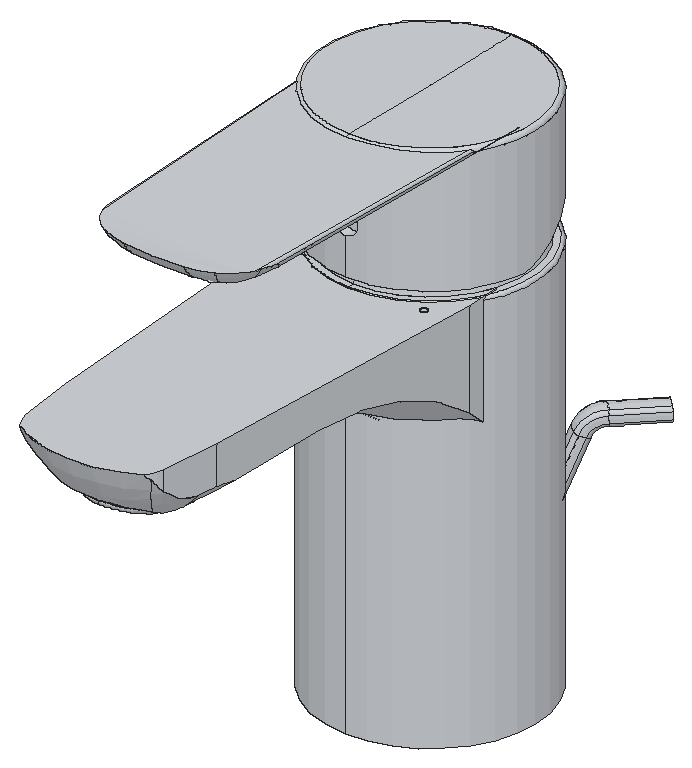
Revit family "Faucet-Lavatory-KOHLER-Aleo-K-72275M", category Plumbing Fixtures, host Face, Revit 2017
Family settings
  Host = Face
  Round Connector Dimension = Use Diameter
  Part Type = Normal
  OmniClass Number = 23.31.11.00
  OmniClass Title = Faucets
  Cut with Voids When Loaded = No
  Shared = No
  Room Calculation Point = No
Parameters (values of type "CP-Polished Chrome")
  Width = 2.20472"  # constant formula
  WaterSense Certified = 1 = 0  # no
  Waste Water Outlet = "Waste Water Outlet"  # constant formula
  Waste Connection = 1 = 0  # no
  Vent Connection = 1 = 0  # no
  URL = "https://la.kohler.com/es?country=MX"
  Type = 1
  Spout Reach = 3 243/256"  # constant formula
  Product Page URL = "https://la.kohler.com/es/product-detail/72275m-4?skuid=K-72275M-4-CP"
  Product Name = "Aleo"  # constant formula
  Product Documentation Link = "http://resources.kohler.com/plumbing/kohlerla/pdf/72275SS.pdf"
  Pressure = 45.00 psi  # constant formula
  Model = "72275IN-4-CP"  # constant formula
  Material = "Premium Metal Construction"  # constant formula
  Master Format 2014 Name = "Residential Faucets, Supplies, and Trim"  # constant formula
  Master Format 2014 = "22 41 39"  # constant formula
  Manufacturer Address = "KOHLER Co. 444 Highland Dr. Kohler, WI 53044"  # constant formula
  Manufacturer = "KOHLER Co."  # constant formula
  Length = Spout Reach  # 3 243/256"
  Hot Water Inlet = "Hot Water Inlet"  # constant formula
  Height = 5 151/256"  # constant formula
  Handle Clearance = 3 75/128"  # constant formula
  HW Connection = 1 = 1  # yes
  Flow Rate = 2.2 GPM  # constant formula
  Finish = Kohler-Metal-CP-Polished_Chrome
  Environmental Product Declaration = ""
  Drain Included = 1 = 1  # yes
  Description = "Aleo single-man washbasin faucet"  # constant formula
  Default Elevation = 36"
  Declare Label = ""
  Date Modified = "09/08/2020"  # constant formula
  Date Created = "09/08/2020"  # constant formula
  Copyright = "Copyright KOHLER Co."  # constant formula
  Contact Us = "https://la.kohler.com/es/contact-us-page"
  Cold Water Inlet = "Cold Water Inlet"  # constant formula
  CW Connection = 1 = 1  # yes
  Assembly Code = "D2010"
  ADA Compliant = 1 = 0  # no
Reference planes (in)
  plane 1 "Center (Front/Back)": y = 0
  plane 2: z = 0
  plane 3 "Center (Left/Right)": x = 0
  plane 4: y = 1.10276
  plane 5: y = -1.10196
  plane 6: y = -3.58594
  plane 7: y = -3.94882
  plane 8: x = 1.10236
  plane 9: x = -1.10236
  plane 10: z = 5.58984
  plane 11: z = 3.38583
  plane 12: x = -0.46668
  plane 13: x = 0.46668
  plane 14: through (0, -4.72988, 0.98059) normal (0, 0.9511, -0.309)
Dimensions and locks (in)
  "Spout Reach": nested 1 to plane 7
  "Handle Clearance": plane 1 "Center (Front/Back)" to plane 6
  "Height": plane 10 to level
  plane 11 to level = 3.38583"
  "Width": plane 8 to plane 9
  aligned and locked: plane 2 to host face
  aligned and locked: level to host face
Automatic sketch dimensions
  host sketch curve to host sketch curve = 96"  (x2)
Nested families (in)
  nested 1: "K-72275M" at (0, 0.0004, 0), type "K-72275M"
Connectors (in)
  piping at (-0.46668, 0.0004, 0), diameter 0.5, driven by "Flow Rate", driven by "HW Connection", driven by "Hot Water Inlet", driven by "Pressure"
    settings: on nested 1, index 1, connector inside diameter 24", connector length 0", flow factor 0, pipe flow 2.2 GPM, pressure drop 45.00 psi, fitting loss kfactor 0, connector angle 0.00°, fixture units 0, engagement length 0", angle of deflection 0.00°, flow configuration 1, flow direction 1, fitting loss method 4, system type 19, joint type 0, gender type 0, connector reference index -1, connector utility 1, adjustable connector no, is connector primary yes, connector description "Hot Water Inlet"
  piping at (0.46668, 0.0004, 0), diameter 0.5, driven by "Flow Rate", driven by "CW Connection", driven by "Cold Water Inlet", driven by "Pressure"
    settings: on nested 1, index 2, connector inside diameter 24", connector length 0", flow factor 0, pipe flow 2.2 GPM, pressure drop 45.00 psi, fitting loss kfactor 0, connector angle 0.00°, fixture units 0, engagement length 0", angle of deflection 0.00°, flow configuration 1, flow direction 1, fitting loss method 4, system type 20, joint type 0, gender type 0, connector reference index -1, connector utility 1, adjustable connector no, is connector primary no, connector description "Cold Water Inlet"
Definition of nested family "K-72275M"
  Parameters (values of type "K-72275M")
    Material = none
  Reference planes (in)
    plane 1 "Center (Front/Back)": y = 0
    plane 2: z = 0
    plane 3 "Center (Left/Right)": x = 0
    plane 4: y = -1.10236
    plane 5: y = 1.10236
    plane 6: z = 5.59055
    plane 7: y = -3.94882
    plane 8: x = 1.10236
    plane 9: x = -1.10236
    plane 10: y = -3.58661
    plane 11: z = 3.38583
    plane 12: through (0, -3.94882, 3.38569) normal (0, -0.9511, 0.309)
    plane 13 "a": through (1.41578, 1.37133, 48) normal (-0.7071, 0.7071, 0)
    plane 14 "b": through (1.34502, 1.44209, 48) normal (0.7071, 0.7071, 0)
    plane 15: x = -0.46668
    plane 16: x = 0.46668
  Forms (in)
    Revolve 1, solid, material <- "Material", detail levels medium+fine
      sketch origin (0, 0, 0) x (0, 1, 0) y (0, 0, 1)
        loop
          line (0, 0) -> (1.10236, 0) -> (1.10236, 4.13466)
          arc (1.10236, 4.13466) -> (1.09321, 4.15675) -> (1.07112, 4.16591) r 0.03124
          line (1.07112, 4.16591) -> (0.99968, 4.16591)
          arc (0.99968, 4.16591) -> (0.65491, 4.76479) -> (0, 4.98526) r 0.97598
          line (0, 4.98526) -> (0, 0)
        axis (0, 0) -> (0, 4.98526)
      angle from 0 to 360
    Revolve 2, solid, material <- "Material", detail levels medium+fine
      sketch origin (0, -0.00178, 0.00062) x (0, 1, 0) y (0, 0, 1)
        loop
          arc (-3.68044, 3.35233) -> (-3.66172, 3.36206) -> (-3.65028, 3.37978) r 0.04116
          line (-3.65028, 3.37978) -> (-3.63203, 3.43594) -> (-3.49343, 3.3909) -> (-3.417, 3.40766) -> (-3.3737, 3.54092) -> (-3.46499, 3.57058) -> (-3.40637, 3.75097) -> (-3.85513, 3.89678) -> (-4.01547, 3.40331)
          arc (-4.01547, 3.40331) -> (-3.88434, 3.37138) -> (-3.74941, 3.37474) r 0.51313
          line (-3.74941, 3.37474) -> (-3.68044, 3.35233)
        axis (-4.01547, 3.40331) -> (-3.85513, 3.89678)
      angle from 0 to 360
    Revolve 3, solid, material <- "Material", detail levels medium+fine
      sketch origin (0, 0, 0) x (0, 1, 0) y (0, 0, 1)
        loop
          line (0, 4.27362) -> (1.10236, 4.27362) -> (1.10236, 5.5453)
          arc (1.10236, 5.5453) -> (1.08958, 5.57616) -> (1.05872, 5.58895) r 0.04365
          line (1.05872, 5.58895) -> (0, 5.58895) -> (0, 4.27362)
        axis (0, 5.58895) -> (0, 4.27362)
      angle from 0 to 360
    Extrusion 4, void
      sketch origin (0, 0, 0) x (0, 1, 0) y (0, 0, 1)
        loop
          line (-0.13624, 4.27362) -> (1.26918, 4.27362) -> (1.26918, 4.90382) -> (0.03637, 4.32895)
          arc (0.03637, 4.32895) -> (-0.04819, 4.29584) -> (-0.13624, 4.27362) r 0.72043
      from -1.2417 to 1.37757
    Blend 5, solid, material <- "Material", detail levels medium+fine
      base sketch origin (0, 0, 1.48445) x (1, 0, 0) y (0, 0, 1)
        loop
          arc (0.92341, 4.08331) -> (0.0008, 4.1015) -> (-0.92181, 4.0834) r 23.46895
          arc (-0.92181, 4.0834) -> (-0.93896, 4.07514) -> (-0.94462, 4.05696) r 0.02389
          spline (-0.94462, 4.05696) -> (-0.91245, 4.01148) -> (-0.81811, 3.96909) -> (-0.66804, 3.93269) -> (-0.47246, 3.90476) -> (-0.24471, 3.8872) -> (-0.0003, 3.88121) -> (0.24411, 3.8872) -> (0.47186, 3.90476) -> (0.66743, 3.93269) -> (0.8175, 3.96909) -> (0.91184, 4.01148) -> (0.94402, 4.05696)
          arc (0.94402, 4.05696) -> (0.93982, 4.07491) -> (0.92341, 4.08331) r 0.02193
      top sketch origin (0, 0, 1.48445) x (1, 0, 0) y (0, 0, 1)
        loop
          spline (-0.81625, 4.05543) -> (-0.7912, 4.0101) -> (-0.71119, 3.96773) -> (-0.58178, 3.93127) -> (-0.41196, 3.90326) -> (-0.21354, 3.88563) -> (-0.0003, 3.87961) -> (0.21294, 3.88563) -> (0.41136, 3.90326) -> (0.58117, 3.93127) -> (0.71058, 3.96773) -> (0.79059, 4.0101) -> (0.81564, 4.05543)
          arc (0.81564, 4.05543) -> (0.80531, 4.07743) -> (0.78291, 4.08689) r 0.03395
          arc (0.78291, 4.08689) -> (-0.0003, 4.09996) -> (-0.78352, 4.08689) r 23.46895
          arc (-0.78352, 4.08689) -> (-0.80591, 4.07743) -> (-0.81625, 4.05543) r 0.03395
      from 0 to 3.79821
    Sweep 6, void
      path origin (0, 0.07382, 0) x (1, 0, 0) y (0, 1, 0)
        loop
          arc (-1.05726, -1.72769) -> (-0.93966, -2.50749) -> (-0.76766, -3.27712) r 11.23958
          arc (-0.76766, -3.27712) -> (-0.68786, -3.43726) -> (-0.5503, -3.55168) r 0.43458
          arc (-0.5503, -3.55168) -> (-0.4334, -3.60036) -> (-0.30957, -3.62686) r 0.69001
          arc (-0.30957, -3.62686) -> (0, -3.64529) -> (0.30957, -3.62686) r 2.60933
          arc (0.30957, -3.62686) -> (0.4334, -3.60036) -> (0.5503, -3.55168) r 0.69001
          arc (0.5503, -3.55168) -> (0.68786, -3.43726) -> (0.76766, -3.27712) r 0.43458
          arc (0.76766, -3.27712) -> (0.93966, -2.50749) -> (1.05726, -1.72769) r 11.23958
      profile origin (0, -3.57147, 0) x (0, 1, 0) y (0, 0, 1)
        loop
          arc (0.29606, 5.33953) -> (0.05711, 5.43697) -> (-0.08851, 5.65002) r 0.44819
          line (-0.08851, 5.65002) -> (-0.795, 5.65002) -> (-0.795, 5.27566) -> (0.29606, 5.27566) -> (0.29606, 5.33953)
    Extrusion 7, solid, material <- "Material", detail levels medium+fine
      sketch origin (0, 0, 0) x (1, 0, 0) y (0, 1, 0)
        loop
          line (0, -4.74105) -> (0.09664, -4.74105)
          arc (0.09664, -4.74105) -> (0.29933, -4.72091) -> (0.4941, -4.66126) r 1.02975
          arc (0.4941, -4.66126) -> (0.64358, -4.54841) -> (0.72053, -4.37766) r 0.37795
          arc (0.72053, -4.37766) -> (0.76418, -4.07632) -> (0.79021, -3.77294) r 5.22423
          line (0.79021, -3.77294) -> (0.96438, -0.69015)
          arc (0.96438, -0.69015) -> (0.95203, -0.34102) -> (0.87616, 0) r 1.90583
          line (0.87616, 0) -> (-0.78192, 0)
          arc (-0.78192, 0) -> (-0.92793, -0.33059) -> (-0.96438, -0.69015) r 1.15243
          line (-0.96438, -0.69015) -> (-0.79021, -3.77294)
          arc (-0.79021, -3.77294) -> (-0.76418, -4.07632) -> (-0.72053, -4.37766) r 5.22423
          arc (-0.72053, -4.37766) -> (-0.64358, -4.54841) -> (-0.4941, -4.66126) r 0.37795
          arc (-0.4941, -4.66126) -> (-0.29933, -4.72091) -> (-0.09664, -4.74105) r 1.02975
          line (-0.09664, -4.74105) -> (0, -4.74105)
      from 2.73822 to 4.16535
    Sweep 8, void
      path origin (0, 0, 0) x (0, 1, 0) y (0, 0, 1)
        loop
          line (0, 0) -> (0, 0.96795)
          arc (0, 0.96795) -> (-0.74404, 2.76423) -> (-2.54032, 3.50827) r 2.54032
          line (-2.54032, 3.50827) -> (-5.33073, 3.50827)
      profile origin (0, -3.93553, 3.50827) x (0, 0, -1) y (1, 0, 0)
        loop
          line (-0.46201, -1.11831) -> (0.77005, -1.11831) -> (0.77005, 1.11058) -> (-0.46201, 1.11058)
          arc (-0.46201, 1.11058) -> (0, -0.00386) -> (-0.46201, -1.11831) r 1.5751
    Sweep 9, void
      path origin (0, -0.02461, 0) x (1, 0, 0) y (0, 1, 0)
        loop
          arc (-1.18288, -3.42536) -> (-1.09591, -3.7018) -> (-1.0498, -3.9879) r 1.99977
          arc (-1.0498, -3.9879) -> (-0.95693, -4.28593) -> (-0.74838, -4.5182) r 0.73228
          arc (-0.74838, -4.5182) -> (-0.01714, -4.75938) -> (0.72004, -4.53699) r 1.27886
          arc (0.72004, -4.53699) -> (0.93925, -4.30207) -> (1.03679, -3.99593) r 0.73228
          arc (1.03679, -3.99593) -> (1.07627, -3.69241) -> (1.1411, -3.39327) r 3.63987
      profile origin (-0.01714, -4.78399, 0) x (0.012791, 0.999918, 0) y (0, 0, 1)
        loop
          arc (0.67612, 3.41773) -> (0.29006, 3.73783) -> (0.04969, 4.17798) r 1.33235
          line (0.04969, 4.17798) -> (-0.04002, 4.17798) -> (-0.04002, 3.41773) -> (0.67612, 3.41773)
    Extrusion 10, void
      sketch origin (0, 0, 0) x (0, 1, 0) y (0, 0, 1)
        loop
          line (-3.46124, 3.38046) -> (-4.51255, 3.72205) -> (-4.62101, 3.38827) -> (-3.5697, 3.04668) -> (-3.46124, 3.38046)
      from -1.25816 to 1.29378
    Extrusion 11, void
      sketch origin (0, 0, 0) x (1, 0, 0) y (0, 0, 1)
        loop
          circle (0, 4.7855) r 0.1244
      from 0.99373 to 1.22147
    Extrusion 12, solid, material <- "Material", detail levels coarse
      sketch origin (0, 0, 0) x (1, 0, 0) y (0, 1, 0)
        loop
          circle (0, 0) r 1.10236
      from 0 to 5.59515
    Extrusion 13, solid, material <- "Material", detail levels coarse
      sketch origin (0, 0, 0) x (1, 0, 0) y (0, 1, 0)
        loop
          line (0.95017, -0.13624) -> (-0.95017, -0.13624) -> (-0.95017, -4.73028) -> (0.00233, -4.73028) -> (0.95017, -4.73028) -> (0.95017, -0.13624)
      from 2.98605 to 4.16591
    Extrusion 14, solid, material <- "Material", detail levels coarse
      sketch origin (0, 0, 0) x (1, 0, 0) y (0, 1, 0)
        loop
          line (0.93347, -0.31206) -> (-0.93347, -0.31206) -> (-0.93347, -3.64003) -> (0, -3.64003) -> (0.93347, -3.64003) -> (0.93347, -0.31206)
      from 5.37177 to 5.59515
    Extrusion 15, solid, material <- "Material", detail levels medium+fine
      sketch origin (0, 0, 0) x (1, 0, 0) y (0, 1, 0)
        loop
          circle (-0.46668, 0) r 0.19685
        loop
          circle (0.46668, 0) r 0.19685
      from 0 to 0.03641
    Sweep 16, solid, material <- "Material", detail levels medium+fine
      path origin (0.02222, -0.02222, 0) x (-0.707107, -0.707107, 0) y (0, 0, 1)
        loop
          line (-1.97078, 2.4444) -> (-1.45001, 2.4444)
          arc (-1.45001, 2.4444) -> (-1.32, 2.40466) -> (-1.23445, 2.299) r 0.2325
          line (-1.23445, 2.299) -> (-0.63359, 0.81182)
      profile origin (1.23166, 1.18721, 2.4444) x (0, 0, 1) y (-0.707107, 0.707107, 0)
        loop
          arc (0.03546, 0.10862) -> (-0.00076, 0.11067) -> (-0.03698, 0.10844) r 0.30744
          arc (-0.03698, 0.10844) -> (-0.06083, 0.09747) -> (-0.07385, 0.07466) r 0.04297
          arc (-0.07385, 0.07466) -> (-0.08165, 0) -> (-0.07385, -0.07466) r 0.36131
          arc (-0.07385, -0.07466) -> (-0.06083, -0.09747) -> (-0.03698, -0.10844) r 0.04297
          arc (-0.03698, -0.10844) -> (-0.00031, -0.11067) -> (0.03637, -0.10851) r 0.30744
          arc (0.03637, -0.10851) -> (0.06071, -0.09735) -> (0.07397, -0.07408) r 0.0437
          arc (0.07397, -0.07408) -> (0.08165, -0.00045) -> (0.07415, 0.0732) r 0.36131
          arc (0.07415, 0.0732) -> (0.06053, 0.09717) -> (0.03546, 0.10862) r 0.04479
    Extrusion 17, void
      sketch origin (0, 0, 0) x (1, 0, 0) y (0, 1, 0)
        loop
          circle (-0.72038, -0.98425) r 0.03467
        loop
          circle (0.72038, -0.98425) r 0.03467
      from 4.11219 to 4.22398
    Extrusion 18, solid, detail levels medium+fine
      sketch origin (0, 0, 0) x (1, 0, 0) y (0, 1, 0)
        loop
          circle (-0.72038, -0.98425) r 0.03467
      from 4.11219 to 4.16591
    Extrusion 19, solid, detail levels medium+fine
      sketch origin (0, 0, 0) x (-1, 0, 0) y (0, -1, 0)
        loop
          circle (-0.72038, 0.98425) r 0.03467
      from 4.11219 to 4.16591
  Cuts and joins
    Sweep 6 cuts Blend 5
    Extrusion 4, Extrusion 11 cuts Revolve 3
    joined: Revolve 1, Revolve 3
    Sweep 8, Sweep 9, Extrusion 10, Extrusion 17 cuts Extrusion 7
    joined: Revolve 2, Extrusion 7
    joined: Extrusion 12, Extrusion 13, Extrusion 14
  Lines and regions (in)
    Masking region 1
      outline origin (0, 0, 0) x (0, 1, 0) y (0, 0, 1)
        loop
          arc (1.10236, 5.54426) -> (1.0888, 5.57699) -> (1.05607, 5.59055) r 0.04629
          line (1.05607, 5.59055) -> (-3.57007, 5.59055)
          arc (-3.57007, 5.59055) -> (-3.58575, 5.57927) -> (-3.58005, 5.56082) r 0.01654
          arc (-3.58005, 5.56082) -> (-3.30141, 5.41371) -> (-2.99044, 5.36291) r 0.97725
          line (-2.99044, 5.36291) -> (-2.02206, 5.36291)
          arc (-2.02206, 5.36291) -> (-1.3797, 5.1698) -> (-1.10236, 4.55906) r 0.81115
          line (-1.10236, 4.55906) -> (-1.10236, 4.27362) -> (-0.9798, 4.27362)
          arc (-0.9798, 4.27362) -> (-0.99299, 4.22008) -> (-0.99971, 4.16535) r 0.46213
          line (-0.99971, 4.16535) -> (-4.73028, 4.16535)
          arc (-4.73028, 4.16535) -> (-4.62033, 3.91762) -> (-4.45455, 3.70321) r 1.12989
          line (-4.45455, 3.70321) -> (-4.24386, 3.63475) -> (-4.27305, 3.54493) -> (-4.18374, 3.51591)
          arc (-4.18374, 3.51591) -> (-4.07616, 3.43298) -> (-3.94882, 3.38569) r 0.45289
          arc (-3.94882, 3.38569) -> (-3.8162, 3.36379) -> (-3.68222, 3.35296) r 1.62189
          line (-3.68222, 3.35296) -> (-3.62459, 3.33423) -> (-3.59541, 3.42406) -> (-3.50211, 3.39374)
          arc (-3.50211, 3.39374) -> (-3.44859, 3.39585) -> (-3.40927, 3.43221) r 0.07737
          arc (-3.40927, 3.43221) -> (-3.35795, 3.48774) -> (-3.28517, 3.50827) r 0.13926
          line (-3.28517, 3.50827) -> (-2.6162, 3.50827)
          arc (-2.6162, 3.50827) -> (-2.11857, 3.45476) -> (-1.6437, 3.29666) r 2.34045
          arc (-1.6437, 3.29666) -> (-1.24936, 2.9549) -> (-1.10236, 2.45421) r 0.92618
          line (-1.10236, 2.45421) -> (-1.10236, 0) -> (1.10236, 0) -> (1.10236, 2.36365) -> (1.38931, 2.36365)
          spline (1.38931, 2.36365) -> (1.39223, 2.36397) -> (1.39515, 2.36433) -> (1.39807, 2.36474) -> (1.40098, 2.3652) -> (1.4039, 2.3657) -> (1.4068, 2.36626) -> (1.4097, 2.36685) -> (1.4126, 2.3675) -> (1.41549, 2.36819) -> (1.41838, 2.36893) -> (1.42126, 2.36972) -> (1.42413, 2.37056)
          spline (1.42413, 2.37056) -> (1.42717, 2.3717) -> (1.43011, 2.37328) -> (1.43291, 2.37528) -> (1.43556, 2.37768) -> (1.43801, 2.38045) -> (1.44025, 2.38357) -> (1.44226, 2.387) -> (1.44399, 2.3907) -> (1.44545, 2.39464) -> (1.44662, 2.39877) -> (1.44747, 2.40305) -> (1.44801, 2.40743)
          spline (1.44801, 2.40743) -> (1.44849, 2.41344) -> (1.44888, 2.41947) -> (1.44918, 2.4255) -> (1.4494, 2.43154) -> (1.44954, 2.43759) -> (1.44959, 2.44364) -> (1.44956, 2.44969) -> (1.44944, 2.45574) -> (1.44924, 2.46178) -> (1.44896, 2.46782) -> (1.44859, 2.47384) -> (1.44814, 2.47986)
          spline (1.44814, 2.47986) -> (1.44759, 2.48446) -> (1.4467, 2.48896) -> (1.44549, 2.4933) -> (1.44396, 2.49744) -> (1.44214, 2.50133) -> (1.44004, 2.50494) -> (1.43769, 2.50821) -> (1.43511, 2.51112) -> (1.43233, 2.51364) -> (1.42938, 2.51573) -> (1.42629, 2.51738) -> (1.4231, 2.51856)
          spline (1.4231, 2.51856) -> (1.42021, 2.51938) -> (1.41732, 2.52015) -> (1.41442, 2.52088) -> (1.41151, 2.52156) -> (1.4086, 2.52219) -> (1.40569, 2.52277) -> (1.40277, 2.52331) -> (1.39985, 2.52379) -> (1.39692, 2.52424) -> (1.39399, 2.52463) -> (1.39105, 2.52497) -> (1.38812, 2.52527)
          line (1.38812, 2.52527) -> (1.10236, 2.52527) -> (1.10236, 4.13515)
          arc (1.10236, 4.13515) -> (1.09335, 4.1569) -> (1.0716, 4.16591) r 0.03076
          line (1.0716, 4.16591) -> (0.99968, 4.16591)
          arc (0.99968, 4.16591) -> (0.93371, 4.41223) -> (0.80436, 4.632) r 0.94615
          line (0.80436, 4.632) -> (1.10236, 4.77096) -> (1.10236, 5.54426)
    Masking region 2
      outline origin (0, 0, 0) x (1, 0, 0) y (0, 1, 0)
        loop
          line (-0.97422, -0.51584) -> (-0.79021, -3.77294)
          arc (-0.79021, -3.77294) -> (-0.76418, -4.07632) -> (-0.72053, -4.37766) r 5.22423
          arc (-0.72053, -4.37766) -> (-0.69444, -4.46418) -> (-0.64856, -4.54204) r 0.37795
          arc (-0.64856, -4.54204) -> (-0.61202, -4.56617) -> (-0.57401, -4.58789) r 0.67848
          arc (-0.57401, -4.58789) -> (0.02431, -4.73003) -> (0.61631, -4.56351) r 1.22505
          arc (0.61631, -4.56351) -> (0.63258, -4.55301) -> (0.64856, -4.54204) r 0.67848
          arc (0.64856, -4.54204) -> (0.69444, -4.46418) -> (0.72053, -4.37766) r 0.37795
          arc (0.72053, -4.37766) -> (0.76418, -4.07632) -> (0.79021, -3.77294) r 5.22423
          line (0.79021, -3.77294) -> (0.97422, -0.51584)
          arc (0.97422, -0.51584) -> (1.09842, 0.09314) -> (0.87346, 0.67251) r 1.10236
          line (0.87346, 0.67251) -> (1.46641, 1.26545)
          arc (1.46641, 1.26545) -> (1.47785, 1.29308) -> (1.46641, 1.3207) r 0.03906
          line (1.46641, 1.3207) -> (1.36593, 1.42118)
          arc (1.36593, 1.42118) -> (1.33752, 1.43295) -> (1.30911, 1.42118) r 0.04018
          line (1.30911, 1.42118) -> (0.72143, 0.83351)
          arc (0.72143, 0.83351) -> (-0.68641, 0.86258) -> (-0.97422, -0.51584) r 1.10236
    Masking region 3
      outline origin (0, 0, 0) x (1, 0, 0) y (0, 0, 1)
        loop
          line (-1.10236, 5.54724) -> (-1.10236, 4.29617)
          arc (-1.10236, 4.29617) -> (-1.09576, 4.28023) -> (-1.07982, 4.27362) r 0.02254
          line (-1.07982, 4.27362) -> (-0.97628, 4.27362)
          arc (-0.97628, 4.27362) -> (-0.99041, 4.22) -> (-0.99986, 4.16535) r 0.64064
          line (-0.99986, 4.16535) -> (-1.07602, 4.16535)
          arc (-1.07602, 4.16535) -> (-1.09465, 4.15764) -> (-1.10236, 4.13901) r 0.02634
          line (-1.10236, 4.13901) -> (-1.10236, 0) -> (1.10236, 0) -> (1.10236, 2.36276) -> (1.41556, 2.36276)
          arc (1.41556, 2.36276) -> (1.44327, 2.36485) -> (1.47034, 2.3711) r 0.18406
          arc (1.47034, 2.3711) -> (1.4864, 2.38617) -> (1.49217, 2.40743) r 0.0404
          arc (1.49217, 2.40743) -> (1.49403, 2.4441) -> (1.49251, 2.48077) r 0.43401
          arc (1.49251, 2.48077) -> (1.48635, 2.50246) -> (1.46996, 2.51783) r 0.04109
          arc (1.46996, 2.51783) -> (1.44307, 2.52398) -> (1.41557, 2.52605) r 0.184
          line (1.41557, 2.52605) -> (1.10236, 2.52605) -> (1.10236, 4.13901)
          arc (1.10236, 4.13901) -> (1.09465, 4.15764) -> (1.07602, 4.16535) r 0.02634
          line (1.07602, 4.16535) -> (0.99986, 4.16535)
          arc (0.99986, 4.16535) -> (0.99041, 4.22) -> (0.97628, 4.27362) r 0.64064
          line (0.97628, 4.27362) -> (1.07982, 4.27362)
          arc (1.07982, 4.27362) -> (1.09576, 4.28023) -> (1.10236, 4.29617) r 0.02254
          line (1.10236, 4.29617) -> (1.10236, 5.5454)
          arc (1.10236, 5.5454) -> (1.08914, 5.57733) -> (1.05722, 5.59055) r 0.04515
          line (1.05722, 5.59055) -> (-1.05906, 5.59055)
          arc (-1.05906, 5.59055) -> (-1.08968, 5.57787) -> (-1.10236, 5.54724) r 0.04331
    symbolic lines, detail levels medium+fine
      curve 1: line (0, -3.68222, 3.35296) -> (0, -4.18374, 3.51591)
      curve 2: line (0, -3.59541, 3.42406) -> (0, -4.24386, 3.63475)
      curve 3: line (0, 0.99975, 4.16535) -> (0, -0.99971, 4.16535)
      curve 4: line (0, -0.13624, 4.27362) -> (0, -0.9798, 4.27362)
      curve 5: arc (-0.31665, -3.5667, 0) -> (-0.15864, -3.58163, 0) -> (0, -3.58661, 0) r 2.52645
      curve 6: arc (0, -3.58661, 0) -> (0.15729, -3.58171, 0) -> (0.31398, -3.56703, 0) r 2.52692
      curve 7: line (-0.96438, -0.69015, 0) -> (-0.80541, -3.18244, 0)
      curve 8: line (0.96438, -0.69015, 0) -> (0.80541, -3.18244, 0)
      curve 9: arc (-0.77733, -3.2705, 0) -> (-0.58055, -3.4708, 0) -> (-0.31665, -3.5667, 0) r 0.63518
      curve 10: arc (-0.80541, -3.18244, 0) -> (-0.79679, -3.2282, 0) -> (-0.77733, -3.2705, 0) r 0.19054
      curve 11: arc (0.77733, -3.2705, 0) -> (0.57942, -3.47153, 0) -> (0.31398, -3.56703, 0) r 0.63518
      curve 12: arc (0.80541, -3.18244, 0) -> (0.79679, -3.2282, 0) -> (0.77733, -3.2705, 0) r 0.19054
      curve 13: line (-0.97628, 0, 4.27362) -> (0.97628, 0, 4.27362)
      curve 14: line (-0.99986, 0, 4.16535) -> (0.99986, 0, 4.16535)
      curve 15: arc (-0.1244, 0, 4.7855) -> (0, 0, 4.6611) -> (0.1244, 0, 4.7855) r 0.1244
      curve 16: arc (0.1244, 0, 4.7855) -> (0, 0, 4.9099) -> (-0.1244, 0, 4.7855) r 0.1244
      curve 17: spline (-0.49778, 0, 5.39883) -> (-0.52277, 0, 5.40279) -> (-0.54717, 0, 5.40693) -> (-0.57085, 0, 5.41125) -> (-0.59367, 0, 5.41571) -> (-0.6155, 0, 5.42029) -> (-0.63621, 0, 5.42496) -> (-0.6557, 0, 5.4297) -> (-0.67384, 0, 5.43448) -> (-0.69054, 0, 5.43927) -> (-0.70569, 0, 5.44405) -> (-0.71922, 0, 5.44879) -> (-0.73105, 0, 5.45345)
      curve 18: line (-0.73105, 0, 5.45345) -> (-0.84127, 0, 5.54026)
      curve 19: spline (0.7316, 0, 5.45388) -> (0.71968, 0, 5.44971) -> (0.70606, 0, 5.44537) -> (0.69083, 0, 5.4409) -> (0.67407, 0, 5.43633) -> (0.65587, 0, 5.43166) -> (0.63634, 0, 5.42694) -> (0.61559, 0, 5.42219) -> (0.59374, 0, 5.41744) -> (0.57091, 0, 5.41271) -> (0.54723, 0, 5.40804) -> (0.52283, 0, 5.40344) -> (0.49787, 0, 5.39894)
      curve 20: spline (0.49787, 0, 5.39894) -> (0.4816, 0, 5.39655) -> (0.46524, 0, 5.39424) -> (0.44881, 0, 5.39201) -> (0.4323, 0, 5.38987) -> (0.41574, 0, 5.38781) -> (0.39912, 0, 5.38584) -> (0.38246, 0, 5.38396) -> (0.36576, 0, 5.38217) -> (0.34904, 0, 5.38047) -> (0.3323, 0, 5.37886) -> (0.31556, 0, 5.37734) -> (0.29882, 0, 5.37591)
      curve 21: spline (0.29882, 0, 5.37591) -> (0.24983, 0, 5.37221) -> (0.20077, 0, 5.36917) -> (0.15165, 0, 5.36679) -> (0.10248, 0, 5.36508) -> (0.05328, 0, 5.36402) -> (0.00406, 0, 5.36363) -> (-0.04516, 0, 5.36391) -> (-0.09436, 0, 5.36484) -> (-0.14354, 0, 5.36644) -> (-0.19267, 0, 5.3687) -> (-0.24174, 0, 5.37163) -> (-0.29075, 0, 5.37521)
      curve 22: spline (-0.29075, 0, 5.37521) -> (-0.30816, 0, 5.37653) -> (-0.32558, 0, 5.37798) -> (-0.34299, 0, 5.37954) -> (-0.36039, 0, 5.38123) -> (-0.37776, 0, 5.38303) -> (-0.3951, 0, 5.38494) -> (-0.41238, 0, 5.38698) -> (-0.42962, 0, 5.38912) -> (-0.44678, 0, 5.39138) -> (-0.46387, 0, 5.39376) -> (-0.48087, 0, 5.39624) -> (-0.49778, 0, 5.39883)
      curve 23: spline (-0.8185, 0, 5.56701) -> (-0.82125, 0, 5.56589) -> (-0.82385, 0, 5.56456) -> (-0.8263, 0, 5.56303) -> (-0.82859, 0, 5.5613) -> (-0.83072, 0, 5.55937) -> (-0.8327, 0, 5.55723) -> (-0.83453, 0, 5.5549) -> (-0.83619, 0, 5.55237) -> (-0.8377, 0, 5.54963) -> (-0.83905, 0, 5.5467) -> (-0.84024, 0, 5.54358) -> (-0.84127, 0, 5.54026)
      curve 24: arc (-0.67446, 0, 5.59055) -> (-0.74757, 0, 5.58544) -> (-0.8185, 0, 5.56701) r 0.39794
      curve 25: line (0.7316, 0, 5.45388) -> (0.84127, 0, 5.54026)
      curve 26: spline (0.8185, 0, 5.56701) -> (0.82125, 0, 5.56589) -> (0.82385, 0, 5.56456) -> (0.8263, 0, 5.56303) -> (0.82859, 0, 5.5613) -> (0.83072, 0, 5.55937) -> (0.8327, 0, 5.55723) -> (0.83453, 0, 5.5549) -> (0.83619, 0, 5.55237) -> (0.8377, 0, 5.54963) -> (0.83905, 0, 5.5467) -> (0.84024, 0, 5.54358) -> (0.84127, 0, 5.54026)
      curve 27: arc (0.67446, 0, 5.59055) -> (0.74757, 0, 5.58544) -> (0.8185, 0, 5.56701) r 0.39794
      curve 28: spline (0.33321, 0, 3.4415) -> (0.49109, 0, 3.49553) -> (0.56452, 0, 3.56478) -> (0.54082, 0, 3.63731) -> (0.42409, 0, 3.7006) -> (0.23447, 0, 3.74371) -> (0.0047, 0, 3.75922) -> (-0.22557, 0, 3.74444) -> (-0.41658, 0, 3.70192) -> (-0.53537, 0, 3.639) -> (-0.56144, 0, 3.56655) -> (-0.49028, 0, 3.49707) -> (-0.33417, 0, 3.44255)
      curve 29: line (-0.35606, 0, 3.55117) -> (-0.35606, 0, 3.48155)
      curve 30: line (0.35606, 0, 3.55117) -> (0.35606, 0, 3.48155)
      curve 31: spline (-0.35606, 0, 3.55117) -> (-0.34392, 0, 3.57797) -> (-0.30835, 0, 3.60294) -> (-0.25177, 0, 3.62439) -> (-0.17803, 0, 3.64084) -> (-0.09215, 0, 3.65118) -> (0, 0, 3.65471) -> (0.09215, 0, 3.65118) -> (0.17803, 0, 3.64084) -> (0.25177, 0, 3.62439) -> (0.30835, 0, 3.60294) -> (0.34392, 0, 3.57797) -> (0.35606, 0, 3.55117)
      curve 32: spline (-0.31495, 0, 3.42157) -> (-0.27992, 0, 3.40208) -> (-0.23576, 0, 3.38519) -> (-0.1839, 0, 3.37144) -> (-0.12604, 0, 3.36128) -> (-0.06407, 0, 3.35505) -> (0, 0, 3.35296) -> (0.06407, 0, 3.35505) -> (0.12604, 0, 3.36128) -> (0.1839, 0, 3.37144) -> (0.23576, 0, 3.38519) -> (0.27992, 0, 3.40208) -> (0.31495, 0, 3.42157)
      curve 33: spline (0, 0, 3.55962) -> (-0.05309, 0, 3.55831) -> (-0.10484, 0, 3.55441) -> (-0.15393, 0, 3.54802) -> (-0.19911, 0, 3.5393) -> (-0.23924, 0, 3.52848) -> (-0.2733, 0, 3.51583) -> (-0.30042, 0, 3.50166) -> (-0.31993, 0, 3.48635) -> (-0.33131, 0, 3.47027) -> (-0.33429, 0, 3.45383) -> (-0.32879, 0, 3.43746) -> (-0.31495, 0, 3.42157)
      curve 34: spline (0, 0, 3.55962) -> (0.05309, 0, 3.55831) -> (0.10484, 0, 3.55441) -> (0.15393, 0, 3.54802) -> (0.19911, 0, 3.5393) -> (0.23924, 0, 3.52848) -> (0.2733, 0, 3.51583) -> (0.30042, 0, 3.50166) -> (0.31993, 0, 3.48635) -> (0.33131, 0, 3.47027) -> (0.33429, 0, 3.45383) -> (0.32879, 0, 3.43746) -> (0.31495, 0, 3.42157)
      curve 35: arc (-0.35606, 0, 3.48155) -> (-0.34513, 0, 3.45713) -> (-0.32816, 0, 3.43644) r 0.10075
      curve 36: arc (0.35606, 0, 3.48155) -> (0.34513, 0, 3.45713) -> (0.32816, 0, 3.43644) r 0.10075
      curve 37: spline (0, 0, 3.37537) -> (-0.06777, 0, 3.37812) -> (-0.13093, 0, 3.38621) -> (-0.18516, 0, 3.39907) -> (-0.22678, 0, 3.41583) -> (-0.25294, 0, 3.43534) -> (-0.26186, 0, 3.45629) -> (-0.25294, 0, 3.47723) -> (-0.22678, 0, 3.49675) -> (-0.18516, 0, 3.51351) -> (-0.13093, 0, 3.52637) -> (-0.06777, 0, 3.53445) -> (0, 0, 3.53721)
      curve 38: spline (0, 0, 3.53721) -> (0.06777, 0, 3.53445) -> (0.13093, 0, 3.52637) -> (0.18516, 0, 3.51351) -> (0.22678, 0, 3.49675) -> (0.25294, 0, 3.47723) -> (0.26186, 0, 3.45629) -> (0.25294, 0, 3.43534) -> (0.22678, 0, 3.41583) -> (0.18516, 0, 3.39907) -> (0.13093, 0, 3.38621) -> (0.06777, 0, 3.37812) -> (0, 0, 3.37537)
      curve 39: line (-0.74476, 0, 4.16535) -> (-0.74476, 0, 4.03465)
      curve 40: arc (-0.74476, 0, 4.03465) -> (-0.69793, 0, 3.79179) -> (-0.56416, 0, 3.58375) r 0.65318
      curve 41: line (0.74476, 0, 4.16535) -> (0.74476, 0, 4.03465)
      curve 42: arc (0.74476, 0, 4.03465) -> (0.69888, 0, 3.79418) -> (0.5677, 0, 3.58749) r 0.65318
      curve 43: spline (0.34143, 0, 3.45157) -> (0.40377, 0, 3.5045) -> (0.4133, 0, 3.56253) -> (0.36877, 0, 3.61807) -> (0.27602, 0, 3.66388) -> (0.14716, 0, 3.69395) -> (-0.00096, 0, 3.70436) -> (-0.14899, 0, 3.69375) -> (-0.27759, 0, 3.66351) -> (-0.36993, 0, 3.61758) -> (-0.41396, 0, 3.56198) -> (-0.40391, 0, 3.50396) -> (-0.34111, 0, 3.45112)
      curve 44: spline (-0.24569, 0, 3.48169) -> (-0.23732, 0, 3.45914) -> (-0.21278, 0, 3.43813) -> (-0.17373, 0, 3.42008) -> (-0.12285, 0, 3.40624) -> (-0.06359, 0, 3.39753) -> (0, 0, 3.39456) -> (0.06359, 0, 3.39753) -> (0.12285, 0, 3.40624) -> (0.17373, 0, 3.42008) -> (0.21278, 0, 3.43813) -> (0.23732, 0, 3.45914) -> (0.24569, 0, 3.48169)
      curve 45: line (0, 1.10236, 2.52527) -> (0, 1.10236, 2.36365)
      curve 46: line (1.10236, 0, 2.52605) -> (1.10236, 0, 2.36276)
      curve 47: line (0, 0.80436, 4.632) -> (0, 0.09074, 4.29923)
      curve 48: arc (0, 0.09074, 4.29923) -> (0, -0.02203, 4.28004) -> (0, -0.13624, 4.27362) r 1.01883
      curve 49: arc (0.72143, 0.83351, 0) -> (0.8015, 0.75683, 0) -> (0.87346, 0.67251, 0) r 1.10236
  Dimensions and locks (in)
    plane 6 to level = 5.59055"
    plane 1 "Center (Front/Back)" to plane 10 = 3.58661"
    plane 11 to level = 3.38583"
    plane 1 "Center (Front/Back)" to plane 7 = 3.94882"
    angle plane 7 to plane 12 = 18.00°
    aligned and locked: plane 2 to level
